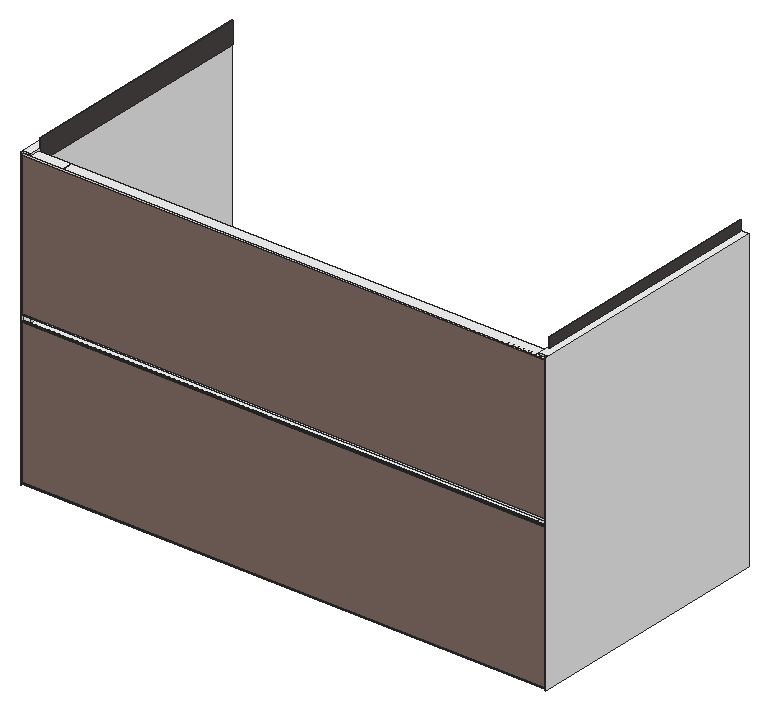
Revit family "vanity unit-hansgrohe-54181XXX-Xevolos E Vanity unit Matt White 980_475 with 2 drawers for washbasin", category Furniture, Revit 2019
Family settings
  OmniClass Number = 23.40.00.00
  OmniClass Title = Equipment and Furnishings
  Work Plane-Based = No
  Always vertical = Yes
  Cut with Voids When Loaded = No
  Shared = Yes
  Room Calculation Point = No
Parameters (values of type "54181730-MATT_WHITE-DARK_OAK-400")
  etim7_EC011381 = "EC011381"
  WEIGHT = "40.5"
  UNSPSC = "56 | Furniture and Furnishings"
  UNIFORMATII = "E2010 | Fixed Furnishings"
  UNICLASS_2015_CODE = "40_30_78_05"
  UNICLASS2015 = "Pr_40_30_78_05 | Bathroom furniture"
  SURFACE = "DARK_OAK"
  REGION = "Worldwide"
  PRODUCTURL = "https://pro.hansgrohe.com/articledetail--54181320"
  PERMALINK = "54181XXX"
  OMNICLASS = "23-21 19 15 33 13 | Residential Bathroom Specialty Casework"
  OBJECTTYPE = "Object (single object)"
  OBERFLAECHE = "MATT_WHITE"
  NN = "Vanity unit with 2 drawers for handrinse basin"
  NBSYN = "$ARTNR.-$OBERFLAECHE.-$SURFACE.-$LODLEVEL."
  NB = "54181730-MATT_WHITE-DARK_OAK-400"
  NAME = "Xevolos E Vanity unit Matt White 980/475 with 2 drawers for washbasin"
  Model = "54181730-MATT_WHITE-DARK_OAK-400"
  Manufacturer = "Hansgrohe"
  MIdent = "{$CADENAS_DATA/23d-libs/hansgrohe/xevolos_furniture/xevolos_vanity_unit_2_drawers_handrinse_basin/vanity_unit_2_drawers_for_handrinse_basin.prj},253 {VTYP=3D},{NB=54181730-MATT_WHITE-DARK_OAK-400},{LINA=54181730-MATT_WHITE-DARK_OAK-400},{NN=Vanity unit with 2 drawers for handrinse basin},{DATE=13.03.2023 12:26:32},{GEOMDATE=12.03.2023 06:54:00},{VERSION=},{LINEID=790},{WBVAR=LODLEVEL},{WBNUMERIC=}  {NB=54181730-MATT_WHITE-DARK_OAK-400},{LINA=54181730-MATT_WHITE-DARK_OAK-400},{KT=DUMMY},{IDNR=30},{ARTNR=54181730},{BASENUMBER=54181},{MODEL=54181XXX},{OBERFLAECHE=MATT_WHITE},{SURFACE=DARK_OAK},{L=980},{LODLEVEL=400},{LODLEVELX='400','400','200','200'},{NAME=Xevolos E Vanity unit Matt White 980/475 with 2 drawers for washbasin},{PERMALINK=54181XXX},{OBJECTTYPE=Object (single object)},{BIMOBJECT=Sanitary: Compound units},{COLLECTIONSET=Xevolos E},{COLLECTION=vanity unit},{WEIGHT=40.5},{DESCRIPTION=Xevolos E Vanity unit Matt White 980/475 with 2 drawers for washbasin},{PRODUCTURL=https://pro.hansgrohe.com/articledetail--54181320},{GTINCODE=0},{TENDERURL=0},{IFC=Furnishing element},{ETIM=EC011381 | Bathroom furniture set},{UNICLASS2015=Pr_40_30_78_05 | Bathroom furniture},{OMNICLASS=23-21 19 15 33 13 | Residential Bathroom Specialty Casework},{MASTERFORMAT=12 35 30.23 | Bathroom Casework},{UNSPSC=56 | Furniture and Furnishings},{UNIFORMATII=E2010 | Fixed Furnishings},{REGION=Worldwide},{DESIGN=Germany},{MANUFACTURER=Germany}"
  MASTERFORMAT = "12 35 30.23 | Bathroom Casework"
  LODLEVEL = "400"
  LINA = "54181730-MATT_WHITE-DARK_OAK-400"
  L = 980
  IFC = "Furnishing element"
  IDNR = 30
  ETIM = "EC011381 | Bathroom furniture set"
  DESIGN = "Germany"
  COLLECTIONSET = "Xevolos E"
  COLLECTION = "vanity unit"
  CATALOG = "Hansgrohe"
  BIMOBJECT = "Sanitary: Compound units"
  BASENUMBER = "54181"
  ARTNR = "54181730"
  54181730-MATT_WHITE-DARK_OAK-400_RX0RY0RZ0TX0TY0TZ0_V = yes
  54181730-MATT_WHITE-DARK_OAK-200_RX0RY0RZ0TX0TY0TZ0_V = no
  54181390-MATT_WHITE-PATTEREND_BRONZE-400_RX0RY0RZ0TX0TY0TZ0_V = no
  54181390-MATT_WHITE-PATTEREND_BRONZE-200_RX0RY0RZ0TX0TY0TZ0_V = no
  54181320-MATT_WHITE-METALLIC_WHITE-400_RX0RY0RZ0TX0TY0TZ0_V = no
  54181320-MATT_WHITE-METALLIC_WHITE-200_RX0RY0RZ0TX0TY0TZ0_V = no
Types (6, lengths in mm): name | SURFACE | NB | Model | MIdent | LODLEVEL | LINA | IDNR | ARTNR | 54181730-MATT_WHITE-DARK_OAK-400_RX0RY0RZ0TX0TY0TZ0_V | 54181730-MATT_WHITE-DARK_OAK-200_RX0RY0RZ0TX0TY0TZ0_V | 54181390-MATT_WHITE-PATTEREND_BRONZE-400_RX0RY0RZ0TX0TY0TZ0_V | 54181390-MATT_WHITE-PATTEREND_BRONZE-200_RX0RY0RZ0TX0TY0TZ0_V | 54181320-MATT_WHITE-METALLIC_WHITE-400_RX0RY0RZ0TX0TY0TZ0_V | 54181320-MATT_WHITE-METALLIC_WHITE-200_RX0RY0RZ0TX0TY0TZ0_V
  54181320-MATT_WHITE-METALLIC_WHITE-200 | "METALLIC_WHITE" | "54181320-MATT_WHITE-METALLIC_WHITE-200" | "54181320-MATT_WHITE-METALLIC_WHITE-200" | "{$CADENAS_DATA/23d-libs/hansgrohe/xevolos_furniture/xevolos_vanity_unit_2_drawers_handrinse_basin/vanity_unit_2_drawers_for_handrinse_basin.prj},265 {VTYP=3D},{NB=54181320-MATT_WHITE-METALLIC_WHITE-200},{LINA=54181320-MATT_WHITE-METALLIC_WHITE-200},{NN=Vanity unit with 2 drawers for handrinse basin},{DATE=13.03.2023 12:26:32},{GEOMDATE=12.03.2023 06:54:00},{VERSION=},{LINEID=770},{WBVAR=LODLEVEL},{WBNUMERIC=}  {NB=54181320-MATT_WHITE-METALLIC_WHITE-200},{LINA=54181320-MATT_WHITE-METALLIC_WHITE-200},{KT=DUMMY},{IDNR=28},{ARTNR=54181320},{BASENUMBER=54181},{MODEL=54181XXX},{OBERFLAECHE=MATT_WHITE},{SURFACE=METALLIC_WHITE},{L=980},{LODLEVEL=200},{LODLEVELX='400','400','200','200'},{NAME=Xevolos E Vanity unit Matt White 980/475 with 2 drawers for washbasin},{PERMALINK=54181XXX},{OBJECTTYPE=Object (single object)},{BIMOBJECT=Sanitary: Compound units},{COLLECTIONSET=Xevolos E},{COLLECTION=vanity unit},{WEIGHT=40.5},{DESCRIPTION=Xevolos E Vanity unit Matt White 980/475 with 2 drawers for washbasin},{PRODUCTURL=https://pro.hansgrohe.com/articledetail--54181320},{GTINCODE=0},{TENDERURL=0},{IFC=Furnishing element},{ETIM=EC011381 | Bathroom furniture set},{UNICLASS2015=Pr_40_30_78_05 | Bathroom furniture},{OMNICLASS=23-21 19 15 33 13 | Residential Bathroom Specialty Casework},{MASTERFORMAT=12 35 30.23 | Bathroom Casework},{UNSPSC=56 | Furniture and Furnishings},{UNIFORMATII=E2010 | Fixed Furnishings},{REGION=Worldwide},{DESIGN=Germany},{MANUFACTURER=Germany}" | "200" | "54181320-MATT_WHITE-METALLIC_WHITE-200" | 28 | "54181320" | no | no | no | no | no | yes
  54181320-MATT_WHITE-METALLIC_WHITE-400 | "METALLIC_WHITE" | "54181320-MATT_WHITE-METALLIC_WHITE-400" | "54181320-MATT_WHITE-METALLIC_WHITE-400" | "{$CADENAS_DATA/23d-libs/hansgrohe/xevolos_furniture/xevolos_vanity_unit_2_drawers_handrinse_basin/vanity_unit_2_drawers_for_handrinse_basin.prj},265 {VTYP=3D},{NB=54181320-MATT_WHITE-METALLIC_WHITE-400},{LINA=54181320-MATT_WHITE-METALLIC_WHITE-400},{NN=Vanity unit with 2 drawers for handrinse basin},{DATE=13.03.2023 12:26:32},{GEOMDATE=12.03.2023 06:54:00},{VERSION=},{LINEID=770},{WBVAR=LODLEVEL},{WBNUMERIC=}  {NB=54181320-MATT_WHITE-METALLIC_WHITE-400},{LINA=54181320-MATT_WHITE-METALLIC_WHITE-400},{KT=DUMMY},{IDNR=28},{ARTNR=54181320},{BASENUMBER=54181},{MODEL=54181XXX},{OBERFLAECHE=MATT_WHITE},{SURFACE=METALLIC_WHITE},{L=980},{LODLEVEL=400},{LODLEVELX='400','400','200','200'},{NAME=Xevolos E Vanity unit Matt White 980/475 with 2 drawers for washbasin},{PERMALINK=54181XXX},{OBJECTTYPE=Object (single object)},{BIMOBJECT=Sanitary: Compound units},{COLLECTIONSET=Xevolos E},{COLLECTION=vanity unit},{WEIGHT=40.5},{DESCRIPTION=Xevolos E Vanity unit Matt White 980/475 with 2 drawers for washbasin},{PRODUCTURL=https://pro.hansgrohe.com/articledetail--54181320},{GTINCODE=0},{TENDERURL=0},{IFC=Furnishing element},{ETIM=EC011381 | Bathroom furniture set},{UNICLASS2015=Pr_40_30_78_05 | Bathroom furniture},{OMNICLASS=23-21 19 15 33 13 | Residential Bathroom Specialty Casework},{MASTERFORMAT=12 35 30.23 | Bathroom Casework},{UNSPSC=56 | Furniture and Furnishings},{UNIFORMATII=E2010 | Fixed Furnishings},{REGION=Worldwide},{DESIGN=Germany},{MANUFACTURER=Germany}" | "400" | "54181320-MATT_WHITE-METALLIC_WHITE-400" | 28 | "54181320" | no | no | no | no | yes | no
  54181390-MATT_WHITE-PATTEREND_BRONZE-200 | "PATTEREND_BRONZE" | "54181390-MATT_WHITE-PATTEREND_BRONZE-200" | "54181390-MATT_WHITE-PATTEREND_BRONZE-200" | "{$CADENAS_DATA/23d-libs/hansgrohe/xevolos_furniture/xevolos_vanity_unit_2_drawers_handrinse_basin/vanity_unit_2_drawers_for_handrinse_basin.prj},269 {VTYP=3D},{NB=54181390-MATT_WHITE-PATTEREND_BRONZE-200},{LINA=54181390-MATT_WHITE-PATTEREND_BRONZE-200},{NN=Vanity unit with 2 drawers for handrinse basin},{DATE=13.03.2023 12:26:32},{GEOMDATE=12.03.2023 06:54:00},{VERSION=},{LINEID=780},{WBVAR=LODLEVEL},{WBNUMERIC=}  {NB=54181390-MATT_WHITE-PATTEREND_BRONZE-200},{LINA=54181390-MATT_WHITE-PATTEREND_BRONZE-200},{KT=DUMMY},{IDNR=29},{ARTNR=54181390},{BASENUMBER=54181},{MODEL=54181XXX},{OBERFLAECHE=MATT_WHITE},{SURFACE=PATTEREND_BRONZE},{L=980},{LODLEVEL=200},{LODLEVELX='400','400','200','200'},{NAME=Xevolos E Vanity unit Matt White 980/475 with 2 drawers for washbasin},{PERMALINK=54181XXX},{OBJECTTYPE=Object (single object)},{BIMOBJECT=Sanitary: Compound units},{COLLECTIONSET=Xevolos E},{COLLECTION=vanity unit},{WEIGHT=40.5},{DESCRIPTION=Xevolos E Vanity unit Matt White 980/475 with 2 drawers for washbasin},{PRODUCTURL=https://pro.hansgrohe.com/articledetail--54181320},{GTINCODE=0},{TENDERURL=0},{IFC=Furnishing element},{ETIM=EC011381 | Bathroom furniture set},{UNICLASS2015=Pr_40_30_78_05 | Bathroom furniture},{OMNICLASS=23-21 19 15 33 13 | Residential Bathroom Specialty Casework},{MASTERFORMAT=12 35 30.23 | Bathroom Casework},{UNSPSC=56 | Furniture and Furnishings},{UNIFORMATII=E2010 | Fixed Furnishings},{REGION=Worldwide},{DESIGN=Germany},{MANUFACTURER=Germany}" | "200" | "54181390-MATT_WHITE-PATTEREND_BRONZE-200" | 29 | "54181390" | no | no | no | yes | no | no
  54181390-MATT_WHITE-PATTEREND_BRONZE-400 | "PATTEREND_BRONZE" | "54181390-MATT_WHITE-PATTEREND_BRONZE-400" | "54181390-MATT_WHITE-PATTEREND_BRONZE-400" | "{$CADENAS_DATA/23d-libs/hansgrohe/xevolos_furniture/xevolos_vanity_unit_2_drawers_handrinse_basin/vanity_unit_2_drawers_for_handrinse_basin.prj},269 {VTYP=3D},{NB=54181390-MATT_WHITE-PATTEREND_BRONZE-400},{LINA=54181390-MATT_WHITE-PATTEREND_BRONZE-400},{NN=Vanity unit with 2 drawers for handrinse basin},{DATE=13.03.2023 12:26:32},{GEOMDATE=12.03.2023 06:54:00},{VERSION=},{LINEID=780},{WBVAR=LODLEVEL},{WBNUMERIC=}  {NB=54181390-MATT_WHITE-PATTEREND_BRONZE-400},{LINA=54181390-MATT_WHITE-PATTEREND_BRONZE-400},{KT=DUMMY},{IDNR=29},{ARTNR=54181390},{BASENUMBER=54181},{MODEL=54181XXX},{OBERFLAECHE=MATT_WHITE},{SURFACE=PATTEREND_BRONZE},{L=980},{LODLEVEL=400},{LODLEVELX='400','400','200','200'},{NAME=Xevolos E Vanity unit Matt White 980/475 with 2 drawers for washbasin},{PERMALINK=54181XXX},{OBJECTTYPE=Object (single object)},{BIMOBJECT=Sanitary: Compound units},{COLLECTIONSET=Xevolos E},{COLLECTION=vanity unit},{WEIGHT=40.5},{DESCRIPTION=Xevolos E Vanity unit Matt White 980/475 with 2 drawers for washbasin},{PRODUCTURL=https://pro.hansgrohe.com/articledetail--54181320},{GTINCODE=0},{TENDERURL=0},{IFC=Furnishing element},{ETIM=EC011381 | Bathroom furniture set},{UNICLASS2015=Pr_40_30_78_05 | Bathroom furniture},{OMNICLASS=23-21 19 15 33 13 | Residential Bathroom Specialty Casework},{MASTERFORMAT=12 35 30.23 | Bathroom Casework},{UNSPSC=56 | Furniture and Furnishings},{UNIFORMATII=E2010 | Fixed Furnishings},{REGION=Worldwide},{DESIGN=Germany},{MANUFACTURER=Germany}" | "400" | "54181390-MATT_WHITE-PATTEREND_BRONZE-400" | 29 | "54181390" | no | no | yes | no | no | no
  54181730-MATT_WHITE-DARK_OAK-200 | "DARK_OAK" | "54181730-MATT_WHITE-DARK_OAK-200" | "54181730-MATT_WHITE-DARK_OAK-200" | "{$CADENAS_DATA/23d-libs/hansgrohe/xevolos_furniture/xevolos_vanity_unit_2_drawers_handrinse_basin/vanity_unit_2_drawers_for_handrinse_basin.prj},253 {VTYP=3D},{NB=54181730-MATT_WHITE-DARK_OAK-200},{LINA=54181730-MATT_WHITE-DARK_OAK-200},{NN=Vanity unit with 2 drawers for handrinse basin},{DATE=13.03.2023 12:26:32},{GEOMDATE=12.03.2023 06:54:00},{VERSION=},{LINEID=790},{WBVAR=LODLEVEL},{WBNUMERIC=}  {NB=54181730-MATT_WHITE-DARK_OAK-200},{LINA=54181730-MATT_WHITE-DARK_OAK-200},{KT=DUMMY},{IDNR=30},{ARTNR=54181730},{BASENUMBER=54181},{MODEL=54181XXX},{OBERFLAECHE=MATT_WHITE},{SURFACE=DARK_OAK},{L=980},{LODLEVEL=200},{LODLEVELX='400','400','200','200'},{NAME=Xevolos E Vanity unit Matt White 980/475 with 2 drawers for washbasin},{PERMALINK=54181XXX},{OBJECTTYPE=Object (single object)},{BIMOBJECT=Sanitary: Compound units},{COLLECTIONSET=Xevolos E},{COLLECTION=vanity unit},{WEIGHT=40.5},{DESCRIPTION=Xevolos E Vanity unit Matt White 980/475 with 2 drawers for washbasin},{PRODUCTURL=https://pro.hansgrohe.com/articledetail--54181320},{GTINCODE=0},{TENDERURL=0},{IFC=Furnishing element},{ETIM=EC011381 | Bathroom furniture set},{UNICLASS2015=Pr_40_30_78_05 | Bathroom furniture},{OMNICLASS=23-21 19 15 33 13 | Residential Bathroom Specialty Casework},{MASTERFORMAT=12 35 30.23 | Bathroom Casework},{UNSPSC=56 | Furniture and Furnishings},{UNIFORMATII=E2010 | Fixed Furnishings},{REGION=Worldwide},{DESIGN=Germany},{MANUFACTURER=Germany}" | "200" | "54181730-MATT_WHITE-DARK_OAK-200" | 30 | "54181730" | no | yes | no | no | no | no
  54181730-MATT_WHITE-DARK_OAK-400 | "DARK_OAK" | "54181730-MATT_WHITE-DARK_OAK-400" | "54181730-MATT_WHITE-DARK_OAK-400" | "{$CADENAS_DATA/23d-libs/hansgrohe/xevolos_furniture/xevolos_vanity_unit_2_drawers_handrinse_basin/vanity_unit_2_drawers_for_handrinse_basin.prj},253 {VTYP=3D},{NB=54181730-MATT_WHITE-DARK_OAK-400},{LINA=54181730-MATT_WHITE-DARK_OAK-400},{NN=Vanity unit with 2 drawers for handrinse basin},{DATE=13.03.2023 12:26:32},{GEOMDATE=12.03.2023 06:54:00},{VERSION=},{LINEID=790},{WBVAR=LODLEVEL},{WBNUMERIC=}  {NB=54181730-MATT_WHITE-DARK_OAK-400},{LINA=54181730-MATT_WHITE-DARK_OAK-400},{KT=DUMMY},{IDNR=30},{ARTNR=54181730},{BASENUMBER=54181},{MODEL=54181XXX},{OBERFLAECHE=MATT_WHITE},{SURFACE=DARK_OAK},{L=980},{LODLEVEL=400},{LODLEVELX='400','400','200','200'},{NAME=Xevolos E Vanity unit Matt White 980/475 with 2 drawers for washbasin},{PERMALINK=54181XXX},{OBJECTTYPE=Object (single object)},{BIMOBJECT=Sanitary: Compound units},{COLLECTIONSET=Xevolos E},{COLLECTION=vanity unit},{WEIGHT=40.5},{DESCRIPTION=Xevolos E Vanity unit Matt White 980/475 with 2 drawers for washbasin},{PRODUCTURL=https://pro.hansgrohe.com/articledetail--54181320},{GTINCODE=0},{TENDERURL=0},{IFC=Furnishing element},{ETIM=EC011381 | Bathroom furniture set},{UNICLASS2015=Pr_40_30_78_05 | Bathroom furniture},{OMNICLASS=23-21 19 15 33 13 | Residential Bathroom Specialty Casework},{MASTERFORMAT=12 35 30.23 | Bathroom Casework},{UNSPSC=56 | Furniture and Furnishings},{UNIFORMATII=E2010 | Fixed Furnishings},{REGION=Worldwide},{DESIGN=Germany},{MANUFACTURER=Germany}" | "400" | "54181730-MATT_WHITE-DARK_OAK-400" | 30 | "54181730" | yes | no | no | no | no | no
Reference planes
  plane 1 "Center (Front/Back)": y = 0
  plane 2: z = 0
  plane 3 "Center (Left/Right)": x = 0
Dimensions and locks
  aligned and locked: level to plane 2
Nested families
  nested 1: "54181320-matt_white-metallic_white-200_content" at (0, 0, 0), visible <- "54181320-MATT_WHITE-METALLIC_WHITE-200_RX0RY0RZ0TX0TY0TZ0_V", ContentVisible <- "54181320-MATT_WHITE-METALLIC_WHITE-200_RX0RY0RZ0TX0TY0TZ0_V", type "54181320-MATT_WHITE-METALLIC_WHITE-200_Content"
    with ContentVisible no
  nested 2: "54181320-matt_white-metallic_white-400_content" at (0, 0, 0), visible <- "54181320-MATT_WHITE-METALLIC_WHITE-400_RX0RY0RZ0TX0TY0TZ0_V", ContentVisible <- "54181320-MATT_WHITE-METALLIC_WHITE-400_RX0RY0RZ0TX0TY0TZ0_V", type "54181320-MATT_WHITE-METALLIC_WHITE-400_Content"
    with ContentVisible no
  nested 3: "54181390-matt_white-patterend_bronze-200_content" at (0, 0, 0), visible <- "54181390-MATT_WHITE-PATTEREND_BRONZE-200_RX0RY0RZ0TX0TY0TZ0_V", ContentVisible <- "54181390-MATT_WHITE-PATTEREND_BRONZE-200_RX0RY0RZ0TX0TY0TZ0_V", type "54181390-MATT_WHITE-PATTEREND_BRONZE-200_Content"
    with ContentVisible no
  nested 4: "54181390-matt_white-patterend_bronze-400_content" at (0, 0, 0), visible <- "54181390-MATT_WHITE-PATTEREND_BRONZE-400_RX0RY0RZ0TX0TY0TZ0_V", ContentVisible <- "54181390-MATT_WHITE-PATTEREND_BRONZE-400_RX0RY0RZ0TX0TY0TZ0_V", type "54181390-MATT_WHITE-PATTEREND_BRONZE-400_Content"
    with ContentVisible no
  nested 5: "54181730-matt_white-dark_oak-200_content" at (0, 0, 0), visible <- "54181730-MATT_WHITE-DARK_OAK-200_RX0RY0RZ0TX0TY0TZ0_V", ContentVisible <- "54181730-MATT_WHITE-DARK_OAK-200_RX0RY0RZ0TX0TY0TZ0_V", type "54181730-MATT_WHITE-DARK_OAK-200_Content"
    with ContentVisible no
  nested 6: "54181730-matt_white-dark_oak-400_content" at (0, 0, 0), visible <- "54181730-MATT_WHITE-DARK_OAK-400_RX0RY0RZ0TX0TY0TZ0_V", ContentVisible <- "54181730-MATT_WHITE-DARK_OAK-400_RX0RY0RZ0TX0TY0TZ0_V", type "54181730-MATT_WHITE-DARK_OAK-400_Content"
    with ContentVisible yes
Definition of nested family "54181730-matt_white-dark_oak-400_content"
  Parameters (values of type "54181730-MATT_WHITE-DARK_OAK-400_Content")
    etim7_EC011381 = "EC011381"
    WEIGHT = "40.5"
    UNSPSC = "56 | Furniture and Furnishings"
    UNIFORMATII = "E2010 | Fixed Furnishings"
    UNICLASS_2015_CODE = "40_30_78_05"
    UNICLASS2015 = "Pr_40_30_78_05 | Bathroom furniture"
    SURFACE = "DARK_OAK"
    REGION = "Worldwide"
    PRODUCTURL = "https://pro.hansgrohe.com/articledetail--54181320"
    PERMALINK = "54181XXX"
    OMNICLASS = "23-21 19 15 33 13 | Residential Bathroom Specialty Casework"
    OBJECTTYPE = "Object (single object)"
    OBERFLAECHE = "MATT_WHITE"
    NN = "Vanity unit with 2 drawers for handrinse basin"
    NBSYN = "$ARTNR.-$OBERFLAECHE.-$SURFACE.-$LODLEVEL."
    NB = "54181730-MATT_WHITE-DARK_OAK-400"
    NAME = "Xevolos E Vanity unit Matt White 980/475 with 2 drawers for washbasin"
    Model = "54181730-MATT_WHITE-DARK_OAK-400"
    Manufacturer = "Hansgrohe"
    MASTERFORMAT = "12 35 30.23 | Bathroom Casework"
    LODLEVEL = "400"
    LINA = "54181730-MATT_WHITE-DARK_OAK-400"
    L = 980
    IFC = "Furnishing element"
    IDNR = 30
    ETIM = "EC011381 | Bathroom furniture set"
    Default Elevation = 1219.2 mm
    DESIGN = "Germany"
    ContentVisible [instance] = yes
    COLLECTIONSET = "Xevolos E"
    COLLECTION = "vanity unit"
    CATALOG = "Hansgrohe"
    BIMOBJECT = "Sanitary: Compound units"
    BASENUMBER = "54181"
    ARTNR = "54181730"
  Reference planes
    plane 1 "Center (Front/Back)": y = 0
    plane 2: z = 0
    plane 3 "Center (Left/Right)": x = 0
  Forms (mm)
    Extrusion 1, solid, visible <- "ContentVisible", detail levels medium+fine
      sketch origin (0, 0, 0) x (1, 0, 0) y (0, 1, 0)
        loop
          line (-490, 0) -> (-490, -472.3) -> (-488, -472.3) -> (-488, -468.3) -> (-474, -468.3) -> (-474, 0) -> (-490, 0)
      from 0 to 556
    Extrusion 2, solid, visible <- "ContentVisible", detail levels medium+fine
      sketch origin (0, 0, 0) x (1, 0, 0) y (0, 1, 0)
        loop
          line (-474, -79) -> (-474, -445.5) -> (474, -445.5) -> (474, -79) -> (-474, -79)
      from 0 to 16
    Extrusion 3, solid, visible <- "ContentVisible", detail levels medium+fine
      sketch origin (0, 0, 0) x (1, 0, 0) y (0, 1, 0)
        loop
          line (474, 0) -> (474, -468.3) -> (488, -468.3) -> (488, -472.3) -> (490, -472.3) -> (490, 0) -> (474, 0)
      from 0 to 556
    Extrusion 4, solid, visible <- "ContentVisible", detail levels medium+fine
      sketch origin (0, 0, 0.5) x (1, 0, 0) y (0, 1, 0)
        loop
          line (-474, -63) -> (-474, -79) -> (474, -79) -> (474, -63) -> (-474, -63)
      from 0 to 126
    Extrusion 5, solid, visible <- "ContentVisible", detail levels medium+fine
      sketch origin (0, 0, 2) x (1, 0, 0) y (0, 1, 0)
        loop
          line (-488, -451) -> (-488, -472.3) -> (488, -472.3) -> (488, -451) -> (-488, -451)
      from 0 to 2
    Extrusion 6, solid, visible <- "ContentVisible", detail levels medium+fine
      sketch origin (0, 0, 554) x (1, 0, 0) y (0, 1, 0)
        loop
          line (-488, -451) -> (-488, -472.3) -> (488, -472.3) -> (488, -451) -> (-488, -451)
      from -2 to 0
    Extrusion 7, solid, visible <- "ContentVisible", detail levels medium+fine
      sketch origin (0, -468.3, 0) x (1, 0, 0) y (0, 0, -1)
        loop
          line (-488, -272.5) -> (488, -272.5) -> (488, -4.5) -> (-488, -4.5) -> (-488, -272.5)
      from -4 to 0
    Extrusion 8, solid, visible <- "ContentVisible", detail levels medium+fine
      sketch origin (0, -468.3, 0) x (1, 0, 0) y (0, 0, -1)
        loop
          line (-488, -553.5) -> (488, -553.5) -> (488, -285.5) -> (-488, -285.5) -> (-488, -553.5)
      from -4 to 0
    Extrusion 9, solid, visible <- "ContentVisible", detail levels medium+fine
      sketch origin (0, 0, 272.5) x (1, 0, 0) y (0, 1, 0)
        loop
          line (-488, -451) -> (-488, -472.3) -> (488, -472.3) -> (488, -451) -> (-488, -451)
      from 0 to 2
    Extrusion 10, solid, visible <- "ContentVisible", detail levels medium+fine
      sketch origin (0, 0, 285.5) x (1, 0, 0) y (0, 1, 0)
        loop
          line (-488, -451) -> (-488, -472.3) -> (488, -472.3) -> (488, -451) -> (-488, -451)
      from -2 to 0
    Extrusion 11, solid, visible <- "ContentVisible", detail levels medium+fine
      sketch origin (0, -468.3, 0) x (1, 0, 0) y (0, 0, -1)
        loop
          line (-488, -274.5) -> (488, -274.5) -> (488, -4.5) -> (-488, -4.5) -> (-488, -274.5)
        loop
          line (-414, -78) -> (-414, -272.5) -> (414, -272.5) -> (414, -78) -> (-414, -78)
      from 0 to 17
    Extrusion 12, solid, visible <- "ContentVisible", detail levels medium+fine
      sketch origin (0, -468.3, 0) x (1, 0, 0) y (0, 0, -1)
        loop
          line (-488, -553.5) -> (-412, -553.5) -> (-412, -361.5) -> (412, -361.5) -> (412, -553.5) -> (488, -553.5) -> (488, -285.5) -> (-488, -285.5) -> (-488, -553.5)
      from 0 to 17
    Extrusion 13, solid, visible <- "ContentVisible", detail levels medium+fine
      sketch origin (-474, 0, 0) x (0, 0, -1) y (0, 1, 0)
        loop
          line (-574, 0) -> (-574, -446) -> (-534, -446) -> (-534, 0) -> (-574, 0)
      from 0 to 2
    Extrusion 14, solid, visible <- "ContentVisible", detail levels medium+fine
      sketch origin (474, 0, 0) x (0, 0, -1) y (0, 1, 0)
        loop
          line (-574, 0) -> (-574, -446) -> (-534, -446) -> (-534, 0) -> (-574, 0)
      from 0 to 2
    Extrusion 15, solid, visible <- "ContentVisible", detail levels medium+fine
      sketch origin (0, 0, 0) x (0, 0, -1) y (0, 1, 0)
        loop
          line (-285, -319.5) -> (-285, -444) -> (-269, -444) -> (-269, -319.5) -> (-285, -319.5)
      from -474 to 474
    Extrusion 16, solid, visible <- "ContentVisible", detail levels coarse
      sketch origin (0, -236.15, 0) x (1, 0, 0) y (0, 1, 0)
        loop
          line (-490, -236.15) -> (490, -236.15) -> (490, 236.15) -> (-490, 236.15) -> (-490, -236.15)
      from 0 to 574
  Dimensions and locks
    aligned and locked: level to plane 2
Definition of nested family "54181320-matt_white-metallic_white-200_content"
  Parameters (values of type "54181320-MATT_WHITE-METALLIC_WHITE-200_Content")
    etim7_EC011381 = "EC011381"
    WEIGHT = "40.5"
    UNSPSC = "56 | Furniture and Furnishings"
    UNIFORMATII = "E2010 | Fixed Furnishings"
    UNICLASS_2015_CODE = "40_30_78_05"
    UNICLASS2015 = "Pr_40_30_78_05 | Bathroom furniture"
    SURFACE = "METALLIC_WHITE"
    REGION = "Worldwide"
    PRODUCTURL = "https://pro.hansgrohe.com/articledetail--54181320"
    PERMALINK = "54181XXX"
    OMNICLASS = "23-21 19 15 33 13 | Residential Bathroom Specialty Casework"
    OBJECTTYPE = "Object (single object)"
    OBERFLAECHE = "MATT_WHITE"
    NN = "Vanity unit with 2 drawers for handrinse basin"
    NBSYN = "$ARTNR.-$OBERFLAECHE.-$SURFACE.-$LODLEVEL."
    NB = "54181320-MATT_WHITE-METALLIC_WHITE-200"
    NAME = "Xevolos E Vanity unit Matt White 980/475 with 2 drawers for washbasin"
    Model = "54181320-MATT_WHITE-METALLIC_WHITE-200"
    Manufacturer = "Hansgrohe"
    MASTERFORMAT = "12 35 30.23 | Bathroom Casework"
    LODLEVEL = "200"
    LINA = "54181320-MATT_WHITE-METALLIC_WHITE-200"
    L = 980
    IFC = "Furnishing element"
    IDNR = 28
    ETIM = "EC011381 | Bathroom furniture set"
    Default Elevation = 1219.2 mm
    DESIGN = "Germany"
    ContentVisible [instance] = yes
    COLLECTIONSET = "Xevolos E"
    COLLECTION = "vanity unit"
    CATALOG = "Hansgrohe"
    BIMOBJECT = "Sanitary: Compound units"
    BASENUMBER = "54181"
    ARTNR = "54181320"
  Reference planes
    plane 1 "Center (Front/Back)": y = 0
    plane 2: z = 0
    plane 3 "Center (Left/Right)": x = 0
  Forms (mm)
    Extrusion 1, solid, visible <- "ContentVisible", detail levels medium+fine
      sketch origin (0, 0, 0) x (1, 0, 0) y (0, 1, 0)
        loop
          line (-490, 0) -> (-490, -468.3) -> (490, -468.3) -> (490, 0) -> (-490, 0)
      from 0 to 556
    Extrusion 2, solid, visible <- "ContentVisible", detail levels medium+fine
      sketch origin (0, -468.3, 0) x (1, 0, 0) y (0, 0, -1)
        loop
          line (-490, -278) -> (-488, -278) -> (-488, -4) -> (488, -4) -> (488, -278) -> (490, -278) -> (490, -2) -> (-490, -2) -> (-490, -278)
      from -4 to 0
    Extrusion 3, solid, visible <- "ContentVisible", detail levels medium+fine
      sketch origin (0, -468.3, 0) x (1, 0, 0) y (0, 0, -1)
        loop
          line (-490, -278) -> (-490, -554) -> (490, -554) -> (490, -278) -> (488, -278) -> (488, -552) -> (-488, -552) -> (-488, -278) -> (-490, -278)
      from -4 to 0
    Extrusion 4, solid, visible <- "ContentVisible", detail levels medium+fine
      sketch origin (0, -468.3, 0) x (1, 0, 0) y (0, 0, -1)
        loop
          line (-488, -272.5) -> (488, -272.5) -> (488, -4.5) -> (-488, -4.5) -> (-488, -272.5)
      from -4 to 0
    Extrusion 5, solid, visible <- "ContentVisible", detail levels medium+fine
      sketch origin (0, -468.3, 0) x (1, 0, 0) y (0, 0, -1)
        loop
          line (-488, -553.5) -> (488, -553.5) -> (488, -285.5) -> (-488, -285.5) -> (-488, -553.5)
      from -4 to 0
    Extrusion 6, solid, visible <- "ContentVisible", detail levels medium+fine
      sketch origin (-474, 0, 0) x (0, 0, -1) y (0, 1, 0)
        loop
          line (-574, 0) -> (-574, -446) -> (-534, -446) -> (-534, 0) -> (-574, 0)
      from 0 to 2
    Extrusion 7, solid, visible <- "ContentVisible", detail levels medium+fine
      sketch origin (474, 0, 0) x (0, 0, -1) y (0, 1, 0)
        loop
          line (-574, 0) -> (-574, -446) -> (-534, -446) -> (-534, 0) -> (-574, 0)
      from 0 to 2
    Extrusion 8, solid, visible <- "ContentVisible", detail levels coarse
      sketch origin (0, -236.15, 0) x (1, 0, 0) y (0, 1, 0)
        loop
          line (-490, -236.15) -> (490, -236.15) -> (490, 236.15) -> (-490, 236.15) -> (-490, -236.15)
      from 0 to 574
  Dimensions and locks
    aligned and locked: level to plane 2
Definition of nested family "54181320-matt_white-metallic_white-400_content"
  Parameters (values of type "54181320-MATT_WHITE-METALLIC_WHITE-400_Content")
    etim7_EC011381 = "EC011381"
    WEIGHT = "40.5"
    UNSPSC = "56 | Furniture and Furnishings"
    UNIFORMATII = "E2010 | Fixed Furnishings"
    UNICLASS_2015_CODE = "40_30_78_05"
    UNICLASS2015 = "Pr_40_30_78_05 | Bathroom furniture"
    SURFACE = "METALLIC_WHITE"
    REGION = "Worldwide"
    PRODUCTURL = "https://pro.hansgrohe.com/articledetail--54181320"
    PERMALINK = "54181XXX"
    OMNICLASS = "23-21 19 15 33 13 | Residential Bathroom Specialty Casework"
    OBJECTTYPE = "Object (single object)"
    OBERFLAECHE = "MATT_WHITE"
    NN = "Vanity unit with 2 drawers for handrinse basin"
    NBSYN = "$ARTNR.-$OBERFLAECHE.-$SURFACE.-$LODLEVEL."
    NB = "54181320-MATT_WHITE-METALLIC_WHITE-400"
    NAME = "Xevolos E Vanity unit Matt White 980/475 with 2 drawers for washbasin"
    Model = "54181320-MATT_WHITE-METALLIC_WHITE-400"
    Manufacturer = "Hansgrohe"
    MASTERFORMAT = "12 35 30.23 | Bathroom Casework"
    LODLEVEL = "400"
    LINA = "54181320-MATT_WHITE-METALLIC_WHITE-400"
    L = 980
    IFC = "Furnishing element"
    IDNR = 28
    ETIM = "EC011381 | Bathroom furniture set"
    Default Elevation = 1219.2 mm
    DESIGN = "Germany"
    ContentVisible [instance] = yes
    COLLECTIONSET = "Xevolos E"
    COLLECTION = "vanity unit"
    CATALOG = "Hansgrohe"
    BIMOBJECT = "Sanitary: Compound units"
    BASENUMBER = "54181"
    ARTNR = "54181320"
  Reference planes
    plane 1 "Center (Front/Back)": y = 0
    plane 2: z = 0
    plane 3 "Center (Left/Right)": x = 0
  Forms (mm)
    Extrusion 1, solid, visible <- "ContentVisible", detail levels medium+fine
      sketch origin (0, 0, 0) x (1, 0, 0) y (0, 1, 0)
        loop
          line (-490, 0) -> (-490, -472.3) -> (-488, -472.3) -> (-488, -468.3) -> (-474, -468.3) -> (-474, 0) -> (-490, 0)
      from 0 to 556
    Extrusion 2, solid, visible <- "ContentVisible", detail levels medium+fine
      sketch origin (0, 0, 0) x (1, 0, 0) y (0, 1, 0)
        loop
          line (-474, -79) -> (-474, -445.5) -> (474, -445.5) -> (474, -79) -> (-474, -79)
      from 0 to 16
    Extrusion 3, solid, visible <- "ContentVisible", detail levels medium+fine
      sketch origin (0, 0, 0) x (1, 0, 0) y (0, 1, 0)
        loop
          line (474, 0) -> (474, -468.3) -> (488, -468.3) -> (488, -472.3) -> (490, -472.3) -> (490, 0) -> (474, 0)
      from 0 to 556
    Extrusion 4, solid, visible <- "ContentVisible", detail levels medium+fine
      sketch origin (0, 0, 0.5) x (1, 0, 0) y (0, 1, 0)
        loop
          line (-474, -63) -> (-474, -79) -> (474, -79) -> (474, -63) -> (-474, -63)
      from 0 to 126
    Extrusion 5, solid, visible <- "ContentVisible", detail levels medium+fine
      sketch origin (0, 0, 2) x (1, 0, 0) y (0, 1, 0)
        loop
          line (-488, -451) -> (-488, -472.3) -> (488, -472.3) -> (488, -451) -> (-488, -451)
      from 0 to 2
    Extrusion 6, solid, visible <- "ContentVisible", detail levels medium+fine
      sketch origin (0, 0, 554) x (1, 0, 0) y (0, 1, 0)
        loop
          line (-488, -451) -> (-488, -472.3) -> (488, -472.3) -> (488, -451) -> (-488, -451)
      from -2 to 0
    Extrusion 7, solid, visible <- "ContentVisible", detail levels medium+fine
      sketch origin (0, -468.3, 0) x (1, 0, 0) y (0, 0, -1)
        loop
          line (-488, -272.5) -> (488, -272.5) -> (488, -4.5) -> (-488, -4.5) -> (-488, -272.5)
      from -4 to 0
    Extrusion 8, solid, visible <- "ContentVisible", detail levels medium+fine
      sketch origin (0, -468.3, 0) x (1, 0, 0) y (0, 0, -1)
        loop
          line (-488, -553.5) -> (488, -553.5) -> (488, -285.5) -> (-488, -285.5) -> (-488, -553.5)
      from -4 to 0
    Extrusion 9, solid, visible <- "ContentVisible", detail levels medium+fine
      sketch origin (0, 0, 272.5) x (1, 0, 0) y (0, 1, 0)
        loop
          line (-488, -451) -> (-488, -472.3) -> (488, -472.3) -> (488, -451) -> (-488, -451)
      from 0 to 2
    Extrusion 10, solid, visible <- "ContentVisible", detail levels medium+fine
      sketch origin (0, 0, 285.5) x (1, 0, 0) y (0, 1, 0)
        loop
          line (-488, -451) -> (-488, -472.3) -> (488, -472.3) -> (488, -451) -> (-488, -451)
      from -2 to 0
    Extrusion 11, solid, visible <- "ContentVisible", detail levels medium+fine
      sketch origin (0, -468.3, 0) x (1, 0, 0) y (0, 0, -1)
        loop
          line (-488, -274.5) -> (488, -274.5) -> (488, -4.5) -> (-488, -4.5) -> (-488, -274.5)
        loop
          line (-414, -78) -> (-414, -272.5) -> (414, -272.5) -> (414, -78) -> (-414, -78)
      from 0 to 17
    Extrusion 12, solid, visible <- "ContentVisible", detail levels medium+fine
      sketch origin (0, -468.3, 0) x (1, 0, 0) y (0, 0, -1)
        loop
          line (-488, -553.5) -> (-412, -553.5) -> (-412, -361.5) -> (412, -361.5) -> (412, -553.5) -> (488, -553.5) -> (488, -285.5) -> (-488, -285.5) -> (-488, -553.5)
      from 0 to 17
    Extrusion 13, solid, visible <- "ContentVisible", detail levels medium+fine
      sketch origin (-474, 0, 0) x (0, 0, -1) y (0, 1, 0)
        loop
          line (-574, 0) -> (-574, -446) -> (-534, -446) -> (-534, 0) -> (-574, 0)
      from 0 to 2
    Extrusion 14, solid, visible <- "ContentVisible", detail levels medium+fine
      sketch origin (474, 0, 0) x (0, 0, -1) y (0, 1, 0)
        loop
          line (-574, 0) -> (-574, -446) -> (-534, -446) -> (-534, 0) -> (-574, 0)
      from 0 to 2
    Extrusion 15, solid, visible <- "ContentVisible", detail levels medium+fine
      sketch origin (0, 0, 0) x (0, 0, -1) y (0, 1, 0)
        loop
          line (-285, -319.5) -> (-285, -444) -> (-269, -444) -> (-269, -319.5) -> (-285, -319.5)
      from -474 to 474
    Extrusion 16, solid, visible <- "ContentVisible", detail levels coarse
      sketch origin (0, -236.15, 0) x (1, 0, 0) y (0, 1, 0)
        loop
          line (-490, -236.15) -> (490, -236.15) -> (490, 236.15) -> (-490, 236.15) -> (-490, -236.15)
      from 0 to 574
  Dimensions and locks
    aligned and locked: level to plane 2
Definition of nested family "54181390-matt_white-patterend_bronze-200_content"
  Parameters (values of type "54181390-MATT_WHITE-PATTEREND_BRONZE-200_Content")
    etim7_EC011381 = "EC011381"
    WEIGHT = "40.5"
    UNSPSC = "56 | Furniture and Furnishings"
    UNIFORMATII = "E2010 | Fixed Furnishings"
    UNICLASS_2015_CODE = "40_30_78_05"
    UNICLASS2015 = "Pr_40_30_78_05 | Bathroom furniture"
    SURFACE = "PATTEREND_BRONZE"
    REGION = "Worldwide"
    PRODUCTURL = "https://pro.hansgrohe.com/articledetail--54181320"
    PERMALINK = "54181XXX"
    OMNICLASS = "23-21 19 15 33 13 | Residential Bathroom Specialty Casework"
    OBJECTTYPE = "Object (single object)"
    OBERFLAECHE = "MATT_WHITE"
    NN = "Vanity unit with 2 drawers for handrinse basin"
    NBSYN = "$ARTNR.-$OBERFLAECHE.-$SURFACE.-$LODLEVEL."
    NB = "54181390-MATT_WHITE-PATTEREND_BRONZE-200"
    NAME = "Xevolos E Vanity unit Matt White 980/475 with 2 drawers for washbasin"
    Model = "54181390-MATT_WHITE-PATTEREND_BRONZE-200"
    Manufacturer = "Hansgrohe"
    MASTERFORMAT = "12 35 30.23 | Bathroom Casework"
    LODLEVEL = "200"
    LINA = "54181390-MATT_WHITE-PATTEREND_BRONZE-200"
    L = 980
    IFC = "Furnishing element"
    IDNR = 29
    ETIM = "EC011381 | Bathroom furniture set"
    Default Elevation = 1219.2 mm
    DESIGN = "Germany"
    ContentVisible [instance] = yes
    COLLECTIONSET = "Xevolos E"
    COLLECTION = "vanity unit"
    CATALOG = "Hansgrohe"
    BIMOBJECT = "Sanitary: Compound units"
    BASENUMBER = "54181"
    ARTNR = "54181390"
  Reference planes
    plane 1 "Center (Front/Back)": y = 0
    plane 2: z = 0
    plane 3 "Center (Left/Right)": x = 0
  Forms (mm)
    Extrusion 1, solid, visible <- "ContentVisible", detail levels medium+fine
      sketch origin (0, 0, 0) x (1, 0, 0) y (0, 1, 0)
        loop
          line (-490, 0) -> (-490, -468.3) -> (490, -468.3) -> (490, 0) -> (-490, 0)
      from 0 to 556
    Extrusion 2, solid, visible <- "ContentVisible", detail levels medium+fine
      sketch origin (0, -468.3, 0) x (1, 0, 0) y (0, 0, -1)
        loop
          line (-490, -278) -> (-488, -278) -> (-488, -4) -> (488, -4) -> (488, -278) -> (490, -278) -> (490, -2) -> (-490, -2) -> (-490, -278)
      from -4 to 0
    Extrusion 3, solid, visible <- "ContentVisible", detail levels medium+fine
      sketch origin (0, -468.3, 0) x (1, 0, 0) y (0, 0, -1)
        loop
          line (-490, -278) -> (-490, -554) -> (490, -554) -> (490, -278) -> (488, -278) -> (488, -552) -> (-488, -552) -> (-488, -278) -> (-490, -278)
      from -4 to 0
    Extrusion 4, solid, visible <- "ContentVisible", detail levels medium+fine
      sketch origin (0, -468.3, 0) x (1, 0, 0) y (0, 0, -1)
        loop
          line (-488, -272.5) -> (488, -272.5) -> (488, -4.5) -> (-488, -4.5) -> (-488, -272.5)
      from -4 to 0
    Extrusion 5, solid, visible <- "ContentVisible", detail levels medium+fine
      sketch origin (0, -468.3, 0) x (1, 0, 0) y (0, 0, -1)
        loop
          line (-488, -553.5) -> (488, -553.5) -> (488, -285.5) -> (-488, -285.5) -> (-488, -553.5)
      from -4 to 0
    Extrusion 6, solid, visible <- "ContentVisible", detail levels medium+fine
      sketch origin (-474, 0, 0) x (0, 0, -1) y (0, 1, 0)
        loop
          line (-574, 0) -> (-574, -446) -> (-534, -446) -> (-534, 0) -> (-574, 0)
      from 0 to 2
    Extrusion 7, solid, visible <- "ContentVisible", detail levels medium+fine
      sketch origin (474, 0, 0) x (0, 0, -1) y (0, 1, 0)
        loop
          line (-574, 0) -> (-574, -446) -> (-534, -446) -> (-534, 0) -> (-574, 0)
      from 0 to 2
    Extrusion 8, solid, visible <- "ContentVisible", detail levels coarse
      sketch origin (0, -236.15, 0) x (1, 0, 0) y (0, 1, 0)
        loop
          line (-490, -236.15) -> (490, -236.15) -> (490, 236.15) -> (-490, 236.15) -> (-490, -236.15)
      from 0 to 574
  Dimensions and locks
    aligned and locked: level to plane 2
Definition of nested family "54181390-matt_white-patterend_bronze-400_content"
  Parameters (values of type "54181390-MATT_WHITE-PATTEREND_BRONZE-400_Content")
    etim7_EC011381 = "EC011381"
    WEIGHT = "40.5"
    UNSPSC = "56 | Furniture and Furnishings"
    UNIFORMATII = "E2010 | Fixed Furnishings"
    UNICLASS_2015_CODE = "40_30_78_05"
    UNICLASS2015 = "Pr_40_30_78_05 | Bathroom furniture"
    SURFACE = "PATTEREND_BRONZE"
    REGION = "Worldwide"
    PRODUCTURL = "https://pro.hansgrohe.com/articledetail--54181320"
    PERMALINK = "54181XXX"
    OMNICLASS = "23-21 19 15 33 13 | Residential Bathroom Specialty Casework"
    OBJECTTYPE = "Object (single object)"
    OBERFLAECHE = "MATT_WHITE"
    NN = "Vanity unit with 2 drawers for handrinse basin"
    NBSYN = "$ARTNR.-$OBERFLAECHE.-$SURFACE.-$LODLEVEL."
    NB = "54181390-MATT_WHITE-PATTEREND_BRONZE-400"
    NAME = "Xevolos E Vanity unit Matt White 980/475 with 2 drawers for washbasin"
    Model = "54181390-MATT_WHITE-PATTEREND_BRONZE-400"
    Manufacturer = "Hansgrohe"
    MASTERFORMAT = "12 35 30.23 | Bathroom Casework"
    LODLEVEL = "400"
    LINA = "54181390-MATT_WHITE-PATTEREND_BRONZE-400"
    L = 980
    IFC = "Furnishing element"
    IDNR = 29
    ETIM = "EC011381 | Bathroom furniture set"
    Default Elevation = 1219.2 mm
    DESIGN = "Germany"
    ContentVisible [instance] = yes
    COLLECTIONSET = "Xevolos E"
    COLLECTION = "vanity unit"
    CATALOG = "Hansgrohe"
    BIMOBJECT = "Sanitary: Compound units"
    BASENUMBER = "54181"
    ARTNR = "54181390"
  Reference planes
    plane 1 "Center (Front/Back)": y = 0
    plane 2: z = 0
    plane 3 "Center (Left/Right)": x = 0
  Forms (mm)
    Extrusion 1, solid, visible <- "ContentVisible", detail levels medium+fine
      sketch origin (0, 0, 0) x (1, 0, 0) y (0, 1, 0)
        loop
          line (-490, 0) -> (-490, -472.3) -> (-488, -472.3) -> (-488, -468.3) -> (-474, -468.3) -> (-474, 0) -> (-490, 0)
      from 0 to 556
    Extrusion 2, solid, visible <- "ContentVisible", detail levels medium+fine
      sketch origin (0, 0, 0) x (1, 0, 0) y (0, 1, 0)
        loop
          line (-474, -79) -> (-474, -445.5) -> (474, -445.5) -> (474, -79) -> (-474, -79)
      from 0 to 16
    Extrusion 3, solid, visible <- "ContentVisible", detail levels medium+fine
      sketch origin (0, 0, 0) x (1, 0, 0) y (0, 1, 0)
        loop
          line (474, 0) -> (474, -468.3) -> (488, -468.3) -> (488, -472.3) -> (490, -472.3) -> (490, 0) -> (474, 0)
      from 0 to 556
    Extrusion 4, solid, visible <- "ContentVisible", detail levels medium+fine
      sketch origin (0, 0, 0.5) x (1, 0, 0) y (0, 1, 0)
        loop
          line (-474, -63) -> (-474, -79) -> (474, -79) -> (474, -63) -> (-474, -63)
      from 0 to 126
    Extrusion 5, solid, visible <- "ContentVisible", detail levels medium+fine
      sketch origin (0, 0, 2) x (1, 0, 0) y (0, 1, 0)
        loop
          line (-488, -451) -> (-488, -472.3) -> (488, -472.3) -> (488, -451) -> (-488, -451)
      from 0 to 2
    Extrusion 6, solid, visible <- "ContentVisible", detail levels medium+fine
      sketch origin (0, 0, 554) x (1, 0, 0) y (0, 1, 0)
        loop
          line (-488, -451) -> (-488, -472.3) -> (488, -472.3) -> (488, -451) -> (-488, -451)
      from -2 to 0
    Extrusion 7, solid, visible <- "ContentVisible", detail levels medium+fine
      sketch origin (0, -468.3, 0) x (1, 0, 0) y (0, 0, -1)
        loop
          line (-488, -272.5) -> (488, -272.5) -> (488, -4.5) -> (-488, -4.5) -> (-488, -272.5)
      from -4 to 0
    Extrusion 8, solid, visible <- "ContentVisible", detail levels medium+fine
      sketch origin (0, -468.3, 0) x (1, 0, 0) y (0, 0, -1)
        loop
          line (-488, -553.5) -> (488, -553.5) -> (488, -285.5) -> (-488, -285.5) -> (-488, -553.5)
      from -4 to 0
    Extrusion 9, solid, visible <- "ContentVisible", detail levels medium+fine
      sketch origin (0, 0, 272.5) x (1, 0, 0) y (0, 1, 0)
        loop
          line (-488, -451) -> (-488, -472.3) -> (488, -472.3) -> (488, -451) -> (-488, -451)
      from 0 to 2
    Extrusion 10, solid, visible <- "ContentVisible", detail levels medium+fine
      sketch origin (0, 0, 285.5) x (1, 0, 0) y (0, 1, 0)
        loop
          line (-488, -451) -> (-488, -472.3) -> (488, -472.3) -> (488, -451) -> (-488, -451)
      from -2 to 0
    Extrusion 11, solid, visible <- "ContentVisible", detail levels medium+fine
      sketch origin (0, -468.3, 0) x (1, 0, 0) y (0, 0, -1)
        loop
          line (-488, -274.5) -> (488, -274.5) -> (488, -4.5) -> (-488, -4.5) -> (-488, -274.5)
        loop
          line (-414, -78) -> (-414, -272.5) -> (414, -272.5) -> (414, -78) -> (-414, -78)
      from 0 to 17
    Extrusion 12, solid, visible <- "ContentVisible", detail levels medium+fine
      sketch origin (0, -468.3, 0) x (1, 0, 0) y (0, 0, -1)
        loop
          line (-488, -553.5) -> (-412, -553.5) -> (-412, -361.5) -> (412, -361.5) -> (412, -553.5) -> (488, -553.5) -> (488, -285.5) -> (-488, -285.5) -> (-488, -553.5)
      from 0 to 17
    Extrusion 13, solid, visible <- "ContentVisible", detail levels medium+fine
      sketch origin (-474, 0, 0) x (0, 0, -1) y (0, 1, 0)
        loop
          line (-574, 0) -> (-574, -446) -> (-534, -446) -> (-534, 0) -> (-574, 0)
      from 0 to 2
    Extrusion 14, solid, visible <- "ContentVisible", detail levels medium+fine
      sketch origin (474, 0, 0) x (0, 0, -1) y (0, 1, 0)
        loop
          line (-574, 0) -> (-574, -446) -> (-534, -446) -> (-534, 0) -> (-574, 0)
      from 0 to 2
    Extrusion 15, solid, visible <- "ContentVisible", detail levels medium+fine
      sketch origin (0, 0, 0) x (0, 0, -1) y (0, 1, 0)
        loop
          line (-285, -319.5) -> (-285, -444) -> (-269, -444) -> (-269, -319.5) -> (-285, -319.5)
      from -474 to 474
    Extrusion 16, solid, visible <- "ContentVisible", detail levels coarse
      sketch origin (0, -236.15, 0) x (1, 0, 0) y (0, 1, 0)
        loop
          line (-490, -236.15) -> (490, -236.15) -> (490, 236.15) -> (-490, 236.15) -> (-490, -236.15)
      from 0 to 574
  Dimensions and locks
    aligned and locked: level to plane 2
Definition of nested family "54181730-matt_white-dark_oak-200_content"
  Parameters (values of type "54181730-MATT_WHITE-DARK_OAK-200_Content")
    etim7_EC011381 = "EC011381"
    WEIGHT = "40.5"
    UNSPSC = "56 | Furniture and Furnishings"
    UNIFORMATII = "E2010 | Fixed Furnishings"
    UNICLASS_2015_CODE = "40_30_78_05"
    UNICLASS2015 = "Pr_40_30_78_05 | Bathroom furniture"
    SURFACE = "DARK_OAK"
    REGION = "Worldwide"
    PRODUCTURL = "https://pro.hansgrohe.com/articledetail--54181320"
    PERMALINK = "54181XXX"
    OMNICLASS = "23-21 19 15 33 13 | Residential Bathroom Specialty Casework"
    OBJECTTYPE = "Object (single object)"
    OBERFLAECHE = "MATT_WHITE"
    NN = "Vanity unit with 2 drawers for handrinse basin"
    NBSYN = "$ARTNR.-$OBERFLAECHE.-$SURFACE.-$LODLEVEL."
    NB = "54181730-MATT_WHITE-DARK_OAK-200"
    NAME = "Xevolos E Vanity unit Matt White 980/475 with 2 drawers for washbasin"
    Model = "54181730-MATT_WHITE-DARK_OAK-200"
    Manufacturer = "Hansgrohe"
    MASTERFORMAT = "12 35 30.23 | Bathroom Casework"
    LODLEVEL = "200"
    LINA = "54181730-MATT_WHITE-DARK_OAK-200"
    L = 980
    IFC = "Furnishing element"
    IDNR = 30
    ETIM = "EC011381 | Bathroom furniture set"
    Default Elevation = 1219.2 mm
    DESIGN = "Germany"
    ContentVisible [instance] = yes
    COLLECTIONSET = "Xevolos E"
    COLLECTION = "vanity unit"
    CATALOG = "Hansgrohe"
    BIMOBJECT = "Sanitary: Compound units"
    BASENUMBER = "54181"
    ARTNR = "54181730"
  Reference planes
    plane 1 "Center (Front/Back)": y = 0
    plane 2: z = 0
    plane 3 "Center (Left/Right)": x = 0
  Forms (mm)
    Extrusion 1, solid, visible <- "ContentVisible", detail levels medium+fine
      sketch origin (0, 0, 0) x (1, 0, 0) y (0, 1, 0)
        loop
          line (-490, 0) -> (-490, -468.3) -> (490, -468.3) -> (490, 0) -> (-490, 0)
      from 0 to 556
    Extrusion 2, solid, visible <- "ContentVisible", detail levels medium+fine
      sketch origin (0, -468.3, 0) x (1, 0, 0) y (0, 0, -1)
        loop
          line (-490, -278) -> (-488, -278) -> (-488, -4) -> (488, -4) -> (488, -278) -> (490, -278) -> (490, -2) -> (-490, -2) -> (-490, -278)
      from -4 to 0
    Extrusion 3, solid, visible <- "ContentVisible", detail levels medium+fine
      sketch origin (0, -468.3, 0) x (1, 0, 0) y (0, 0, -1)
        loop
          line (-490, -278) -> (-490, -554) -> (490, -554) -> (490, -278) -> (488, -278) -> (488, -552) -> (-488, -552) -> (-488, -278) -> (-490, -278)
      from -4 to 0
    Extrusion 4, solid, visible <- "ContentVisible", detail levels medium+fine
      sketch origin (0, -468.3, 0) x (1, 0, 0) y (0, 0, -1)
        loop
          line (-488, -272.5) -> (488, -272.5) -> (488, -4.5) -> (-488, -4.5) -> (-488, -272.5)
      from -4 to 0
    Extrusion 5, solid, visible <- "ContentVisible", detail levels medium+fine
      sketch origin (0, -468.3, 0) x (1, 0, 0) y (0, 0, -1)
        loop
          line (-488, -553.5) -> (488, -553.5) -> (488, -285.5) -> (-488, -285.5) -> (-488, -553.5)
      from -4 to 0
    Extrusion 6, solid, visible <- "ContentVisible", detail levels medium+fine
      sketch origin (-474, 0, 0) x (0, 0, -1) y (0, 1, 0)
        loop
          line (-574, 0) -> (-574, -446) -> (-534, -446) -> (-534, 0) -> (-574, 0)
      from 0 to 2
    Extrusion 7, solid, visible <- "ContentVisible", detail levels medium+fine
      sketch origin (474, 0, 0) x (0, 0, -1) y (0, 1, 0)
        loop
          line (-574, 0) -> (-574, -446) -> (-534, -446) -> (-534, 0) -> (-574, 0)
      from 0 to 2
    Extrusion 8, solid, visible <- "ContentVisible", detail levels coarse
      sketch origin (0, -236.15, 0) x (1, 0, 0) y (0, 1, 0)
        loop
          line (-490, -236.15) -> (490, -236.15) -> (490, 236.15) -> (-490, 236.15) -> (-490, -236.15)
      from 0 to 574
  Dimensions and locks
    aligned and locked: level to plane 2
